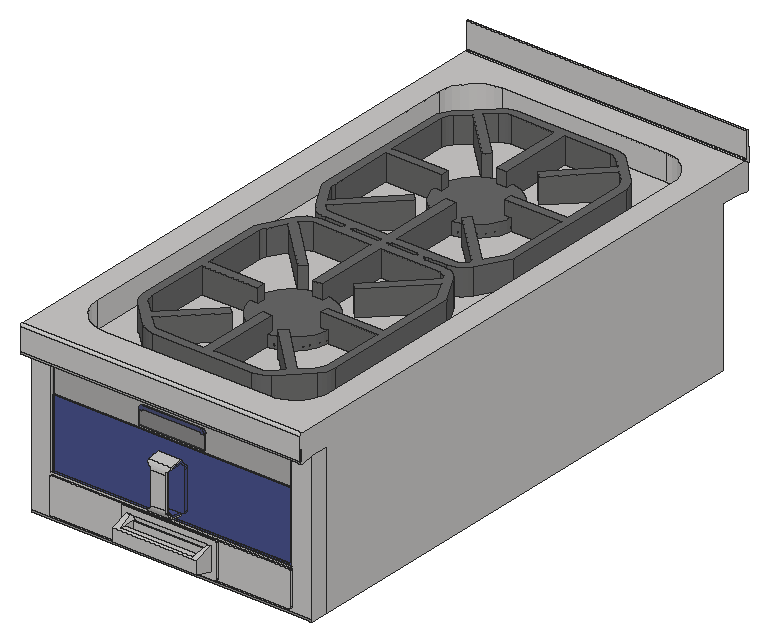
Revit family "QF_ELECTROLUXPROFESSIONAL_588048_MAGCABDOPI", category Specialty Equipment, Revit 2018
Family settings
  Round Connector Dimension = Use Diameter
  Part Type = Normal
  Work Plane-Based = No
  Always vertical = Yes
  Cut with Voids When Loaded = No
  Shared = No
  Room Calculation Point = No
Parameters
  Weight in Pounds = 81.571
  Watts = 0 W
  URL Cutsheet = ""
  Type Mark [instance] = ""
  Status [instance] = ""
  Specification by User [instance] = ""
  Specification by Manufacturer = ""
  Show Clearance [instance] = yes
  Serial Number = ""
  Seismic Rating = ""
  SMACNA No = ""
  Revision Code [instance] = ""
  Omniclass Number and Title = ""
  NAFEM Spec ID Number = ""
  Model = "588048"
  Mechanical Remarks [instance] = ""
  Mechanical Connection Type [instance] = ""
  Masterspec = ""
  Manufacturer = "ELECTROLUX"
  Item Number [instance] = ""
  Installed By [instance] = ""
  Identify Quantity as Lot [instance] = yes
  HP = "0 HP"
  Gas Size = 1/2"
  Gas RI Height [instance] = 0 mm
  Gas KW = 14
  Gas Input = 47726.0 Btu/h
  Gas Connection Height [instance] = 0 mm
  Furnished By [instance] = ""
  Foodservice Equipment Identifier [instance] = yes
  Direct Waste Size = 0"
  Description = "GAS TOP,2 BURNERS,ECO,1-S,BSPL,400X800X250H"
  CSI MasterFormat = ""
  CSI Master Format = ""
  Back Panel [instance] = yes
Reference planes
  plane 1 "BACK": y = 0
  plane 2: z = 0
  plane 3 "LEFT": x = 0
  plane 4 "RIGHT": x = 400
  plane 5 "FRONT": y = -800
  plane 6 "TOP": z = 250
  plane 7: x = 200
  plane 8: y = -400
  plane 9: z = 288.006
  plane 10: x = 365
  plane 11: y = -60.425
  plane 12: y = -1230
Forms (mm)
  Extrusion 1, solid, material "QF_Finishes_Stainless Steel"
    sketch origin (0, -487.128, 0) x (0, 1, 0) y (0, 0, 1)
      loop
        line (483.128, 250) -> (-308.872, 250)
        arc (-308.872, 250) -> (-311.7, 248.828) -> (-312.872, 246) r 4
        line (-312.872, 246) -> (-312.872, 214)
        arc (-312.872, 214) -> (-311.437, 210.931) -> (-308.161, 210.064) r 4
        line (-308.161, 210.064) -> (-292.872, 213) -> (-267.872, 213) -> (-267.872, 0) -> (441.714, 0) -> (441.714, 213) -> (465.765, 213) -> (482.433, 210.061)
        arc (482.433, 210.061) -> (485.699, 210.936) -> (487.128, 214) r 4
        line (487.128, 214) -> (487.128, 246)
        arc (487.128, 246) -> (485.956, 248.828) -> (483.128, 250) r 4
    from 0 to 400
  Extrusion 2, void
    sketch origin (653.786, 44.048, 250) x (1, 0, 0) y (0, -1, 0)
      loop
        line (-570.234, 89.462) -> (-335.321, 89.462)
        arc (-335.321, 89.462) -> (-300.694, 103.805) -> (-286.351, 138.432) r 48.97
        line (-286.351, 138.432) -> (-286.351, 750.078)
        arc (-286.351, 750.078) -> (-300.694, 784.705) -> (-335.321, 799.048) r 48.97
        line (-335.321, 799.048) -> (-570.234, 799.048)
        arc (-570.234, 799.048) -> (-605.59, 784.403) -> (-620.234, 749.048) r 50
        line (-620.234, 749.048) -> (-620.234, 139.462)
        arc (-620.234, 139.462) -> (-605.59, 104.107) -> (-570.234, 89.462) r 50
    from 0 to 37
  Extrusion 3, solid, material "QF_Finishes_Stainless Steel"
    sketch origin (10, -560, 0) x (1, 0, 0) y (0, -1, 0)
      loop
        circle (355, -70) r 6.35
    from 0 to 3.2
  Extrusion 4, solid, material "QF_Finishes_Stainless Steel"
    sketch origin (0, -950.048, 0) x (0, -1, 0) y (0, 0, -1)
      loop
        arc (-948.097, -252.006) -> (-947.511, -250.592) -> (-946.097, -250.006) r 2
        arc (-946.097, -250.006) -> (-948.877, -248.828) -> (-950.048, -246) r 4
        line (-950.048, -246) -> (-950.048, -288.006) -> (-948.097, -288.006) -> (-948.097, -252.006)
    from 0 to 400
  Extrusion 5, solid, material "QF_Door-Drawer Clearances", visible <- "Show Clearance", detail levels coarse
    sketch origin (-178.969, -4572, 0) x (-1, 0, 0) y (0, -1, 0)
      loop
        line (-207.364, -3789.407) -> (-207.364, -3342) -> (-551.364, -3342) -> (-551.364, -3789.407) -> (-207.364, -3789.407)
    from 8.012 to 59.392
Cuts and joins
  Extrusion 2 cuts Extrusion 1
Lines and regions (mm)
  symbolic lines
    curve 1: line (0, 0, 0) -> (400, 0, 0)
    curve 2: line (0, -800, 0) -> (0, 0, 0)
    curve 3: line (400, -800, 0) -> (0, -800, 0)
    curve 4: line (400, 0, 0) -> (400, -800, 0)
    curve 5: arc (83.552, -755, 0) -> (48.197, -740.355, 0) -> (33.552, -705, 0) r 50
    curve 6: line (33.552, -705, 0) -> (33.552, -95.414, 0)
    curve 7: arc (33.552, -95.414, 0) -> (48.197, -60.059, 0) -> (83.552, -45.414, 0) r 50
    curve 8: line (83.552, -45.414, 0) -> (318.465, -45.414, 0)
    curve 9: arc (318.465, -45.414, 0) -> (353.092, -59.757, 0) -> (367.435, -94.384, 0) r 48.97
    curve 10: line (367.435, -94.384, 0) -> (367.435, -706.03, 0)
    curve 11: arc (367.435, -706.03, 0) -> (353.092, -740.657, 0) -> (318.465, -755, 0) r 48.97
    curve 12: line (318.465, -755, 0) -> (83.552, -755, 0)
    curve 13: line (0, -1.951, 0) -> (400, -1.951, 0)
  symbolic lines, style "QF_Door-Drawer Clearances"
    curve 14: line (28.395, -800, 0) -> (28.395, -1230, 0)
    curve 15: line (28.395, -1230, 0) -> (372.395, -1230, 0)
    curve 16: line (372.395, -1230, 0) -> (372.395, -800, 0)
Dimensions and locks
  plane 3 "LEFT" to plane 4 "RIGHT" = 400 mm
  plane 5 "FRONT" to plane 1 "BACK" = 800 mm
  equal spacing: plane 3 "LEFT", plane 7, plane 4 "RIGHT"
  equal spacing: plane 5 "FRONT", plane 8, plane 1 "BACK"
  plane 6 "TOP" to level = 250 mm  (x2)
  plane 1 "BACK" to plane 5 "FRONT" = 800 mm
  Extrusion 3 sketch curve to plane 1 "BACK" = 490 mm
  Extrusion 3 sketch curve to plane 4 "RIGHT" = 35 mm
  plane 1 "BACK" to Extrusion 3 = 490 mm
  locked: plane 10 to plane 4 "RIGHT" at 35
  plane 9 to plane 6 "TOP" = 38.006 mm
  plane 9 to level = 288.006 mm
  plane 12 to plane 5 "FRONT" = 430 mm
  aligned and locked: level to plane 2
  aligned and locked: Extrusion 1 to plane 4 "RIGHT"
  aligned and locked: Extrusion 4 to plane 4 "RIGHT"
Automatic sketch dimensions
  Extrusion 1 sketch curve to plane 5 "FRONT" = 0 mm
  Extrusion 1 sketch curve to plane 6 "TOP" = 0 mm
  Extrusion 1 sketch curve to level = 0 mm
  Extrusion 1 sketch curve to plane 1 "BACK" = 0 mm
  Extrusion 1 sketch curve to plane 6 "TOP" = 37 mm  (x2)
  Extrusion 1 sketch curve to plane 5 "FRONT" = 4 mm
  Extrusion 1 sketch curve to plane 5 "FRONT" = 20 mm
  Extrusion 1 sketch curve to plane 5 "FRONT" = 45 mm
  plane 1 "BACK" to Extrusion 1 sketch curve = 21.363 mm
  plane 1 "BACK" to Extrusion 1 sketch curve = 4 mm  (x2)
  Extrusion 1 sketch curve to Extrusion 1 sketch curve = 4 mm
  Extrusion 1 sketch curve to Extrusion 1 sketch curve = 0.711 mm
  plane 1 "BACK" to Extrusion 1 sketch curve = 4.695 mm
  Extrusion 1 sketch curve to Extrusion 1 sketch curve = 0 mm  (x2)
  Extrusion 1 sketch curve to Extrusion 1 sketch curve = 1 mm  (x2)
  plane 1 "BACK" to Extrusion 1 sketch curve = 45.414 mm
  Extrusion 4 sketch curve to plane 1 "BACK" = 0 mm  (x2)
  Extrusion 4 sketch curve to plane 6 "TOP" = 2.006 mm
  Extrusion 4 sketch curve to plane 6 "TOP" = 0 mm
  Extrusion 4 sketch curve to Extrusion 4 sketch curve = 1.951 mm
  Extrusion 4 sketch curve to Extrusion 4 sketch curve = 2 mm
  Extrusion 4 sketch curve to Extrusion 4 sketch curve = 0.049 mm
  Extrusion 4 sketch curve to Extrusion 4 sketch curve = 36 mm
  Extrusion 4 sketch curve to Extrusion 4 sketch curve = 0 mm
  plane 1 "BACK" to curve 1 = 0 mm
  curve 1 to plane 4 "RIGHT" = 0 mm
  curve 2 to plane 3 "LEFT" = 0 mm
  plane 5 "FRONT" to curve 3 = 0 mm
  curve 13 to plane 3 "LEFT" = 0 mm
  curve 10 to plane 10 = 2.435 mm
  plane 10 to curve 12 = 46.535 mm
  plane 11 to curve 8 = 15.012 mm
  plane 10 to curve 8 = 46.535 mm
  plane 3 "LEFT" to curve 12 = 83.552 mm
  plane 3 "LEFT" to curve 8 = 83.552 mm
  plane 3 "LEFT" to curve 6 = 33.552 mm
  curve 6 to plane 5 "FRONT" = 95 mm
  plane 1 "BACK" to curve 13 = 1.951 mm
  Extrusion 1 to Extrusion 2 sketch curve = 33.552 mm
  Extrusion 1 to Extrusion 2 sketch curve = 41 mm
  Extrusion 1 to Extrusion 2 sketch curve = 41.414 mm
  Extrusion 2 sketch curve to Extrusion 2 sketch curve = 50 mm  (x2)
  Extrusion 1 to Extrusion 2 sketch curve = 81.535 mm  (x2)
  Extrusion 1 to Extrusion 2 sketch curve = 32.565 mm
  plane 5 "FRONT" to curve 14 = 0 mm
  plane 5 "FRONT" to curve 16 = 0 mm
  plane 3 "LEFT" to curve 14 = 28.395 mm
  curve 16 to plane 10 = 7.395 mm
  plane 5 "FRONT" to curve 16 = 430 mm
  Extrusion 5 sketch curve to plane 10 = 7.395 mm
  Extrusion 5 sketch curve to plane 5 "FRONT" = 17.407 mm
  plane 3 "LEFT" to Extrusion 5 sketch curve = 28.395 mm
  plane 5 "FRONT" to Extrusion 5 sketch curve = 430 mm
  radius of Extrusion 3 sketch curve = 6.35 mm
Nested families
  nested 1: "OBT_800_Open Burner" at (200, -400.207, -649.319), type "OBT_800_Open Burner"
  nested 2: "EG_800_500_Single Range Control Handle Front Panel" at (202.376, -755, -650), type "EG_800_500_Single Range Control Handle Front Panel"
Connectors
  piping at (365, -490, -3.2), diameter 12.8
    settings: on Extrusion 3, index 1, connector inside diameter 0.50394", connector length 0 mm, flow factor 0, pipe flow 0 GPM, pressure drop 0.00 psi, fitting loss kfactor 0, connector angle 0.00°, fixture units 0, engagement length 0 mm, angle of deflection 0.00°, flow configuration 1, flow direction 1, fitting loss method 0, system type 7, joint type 0, gender type 0, connector reference index -1, connector utility 0, adjustable connector no, is connector primary yes, connector description "GAS CONNECTION"
Definition of nested family "OBT_800_Open Burner"
  Reference planes
    plane 1 "Center (Front/Back)": y = 0
    plane 2: z = 0
    plane 3 "Center (Left/Right)": x = 0
    plane 4: x = -136.448
    plane 5: x = 137.435
    plane 6: y = 324.793
    plane 7: y = -324.793
  Forms (mm)
    Extrusion 1, solid
      sketch origin (2130.573, 56.896, -679.622) x (1, 0, 0) y (0, 1, 0)
        loop
          line (-2137.44, 256.49) -> (-2200.793, 256.49)
          arc (-2200.793, 256.49) -> (-2207.908, 255.075) -> (-2213.94, 251.044) r 18.593
          line (-2213.94, 251.044) -> (-2226.233, 238.751) -> (-2163.48, 175.998) -> (-2171.6, 167.877) -> (-2234.354, 230.631) -> (-2250.33, 214.654)
          arc (-2250.33, 214.654) -> (-2254.433, 208.337) -> (-2255.614, 200.897) r 18.125
          line (-2255.614, 200.897) -> (-2255.614, 113.422) -> (-2175.79, 113.422) -> (-2175.79, 101.938) -> (-2255.614, 101.938) -> (-2255.614, 10.897)
          arc (-2255.614, 10.897) -> (-2254.981, 6.085) -> (-2253.123, 1.601) r 18.593
          line (-2253.123, 1.601) -> (-2240.078, -20.994) -> (-2171.6, 47.483) -> (-2163.48, 39.363) -> (-2234.012, -31.169)
          arc (-2234.012, -31.169) -> (-2228.546, -38.527) -> (-2220.23, -42.379) r 18.593
          line (-2220.23, -42.379) -> (-2137.44, -42.379) -> (-2137.44, 62.464) -> (-2123.707, 62.464) -> (-2123.707, -42.379) -> (-2039.969, -42.379)
          arc (-2039.969, -42.379) -> (-2031.653, -38.527) -> (-2026.187, -31.169) r 18.593
          line (-2026.187, -31.169) -> (-2097.271, 39.915) -> (-2089.15, 48.035) -> (-2020.118, -20.997) -> (-2004.585, 5.916) -> (-2004.585, 101.938) -> (-2085.357, 101.938) -> (-2085.357, 113.422) -> (-2004.585, 113.422) -> (-2004.585, 197.888)
          arc (-2004.585, 197.888) -> (-2006.695, 208.496) -> (-2012.704, 217.489) r 27.72
          line (-2012.704, 217.489) -> (-2025.845, 230.631) -> (-2089.15, 167.325) -> (-2097.271, 175.446) -> (-2033.966, 238.751) -> (-2046.259, 251.044)
          arc (-2046.259, 251.044) -> (-2052.291, 255.075) -> (-2059.406, 256.49) r 18.593
          line (-2059.406, 256.49) -> (-2123.707, 256.49) -> (-2123.707, 152.897) -> (-2137.44, 152.897) -> (-2137.44, 256.49)
        loop
          arc (-2267.021, 10.897) -> (-2265.999, 3.132) -> (-2263.002, -4.103) r 30
          line (-2263.002, -4.103) -> (-2242.795, -39.103)
          arc (-2242.795, -39.103) -> (-2231.814, -50.084) -> (-2216.814, -54.103) r 30
          line (-2216.814, -54.103) -> (-2189.287, -54.103)
          arc (-2189.287, -54.103) -> (-2188.243, -56) -> (-2186.272, -56.896) r 3.438
          arc (-2186.272, -56.896) -> (-2188.243, -57.792) -> (-2189.287, -59.689) r 3.438
          line (-2189.287, -59.689) -> (-2216.814, -59.689)
          arc (-2216.814, -59.689) -> (-2231.814, -63.708) -> (-2242.795, -74.689) r 30
          line (-2242.795, -74.689) -> (-2263.002, -109.689)
          arc (-2263.002, -109.689) -> (-2265.999, -116.924) -> (-2267.021, -124.689) r 30
          line (-2267.021, -124.689) -> (-2267.021, -315.461)
          arc (-2267.021, -315.461) -> (-2264.738, -326.941) -> (-2258.234, -336.674) r 30
          line (-2258.234, -336.674) -> (-2221.975, -372.933)
          arc (-2221.975, -372.933) -> (-2212.253, -379.414) -> (-2200.793, -381.689) r 30
          line (-2200.793, -381.689) -> (-2059.406, -381.689)
          arc (-2059.406, -381.689) -> (-2047.942, -379.412) -> (-2038.218, -372.928) r 30
          line (-2038.218, -372.928) -> (-2001.964, -336.674)
          arc (-2001.964, -336.674) -> (-1995.461, -326.941) -> (-1993.138, -315.461) r 30
          line (-1993.138, -315.461) -> (-1993.138, -116.719) -> (-2017.404, -74.689)
          arc (-2017.404, -74.689) -> (-2028.385, -63.708) -> (-2043.385, -59.689) r 30
          line (-2043.385, -59.689) -> (-2070.476, -59.689)
          arc (-2070.476, -59.689) -> (-2072.136, -57.759) -> (-2074.531, -56.896) r 5
          arc (-2074.531, -56.896) -> (-2072.136, -56.033) -> (-2070.476, -54.103) r 5
          line (-2070.476, -54.103) -> (-2043.385, -54.103)
          arc (-2043.385, -54.103) -> (-2028.385, -50.084) -> (-2017.404, -39.103) r 30
          line (-2017.404, -39.103) -> (-1993.294, 2.656) -> (-1993.294, 204.314)
          arc (-1993.294, 204.314) -> (-1995.995, 214.361) -> (-2001.964, 222.882) r 30
          line (-2001.964, 222.882) -> (-2038.218, 259.136)
          arc (-2038.218, 259.136) -> (-2047.942, 265.62) -> (-2059.406, 267.897) r 30
          line (-2059.406, 267.897) -> (-2200.793, 267.897)
          arc (-2200.793, 267.897) -> (-2212.253, 265.622) -> (-2221.975, 259.141) r 30
          line (-2221.975, 259.141) -> (-2258.234, 222.882)
          arc (-2258.234, 222.882) -> (-2264.738, 213.149) -> (-2267.021, 201.669) r 30
          line (-2267.021, 201.669) -> (-2267.021, 10.897)
        loop
          arc (-2122.397, -54.103) -> (-2124.057, -56.033) -> (-2126.452, -56.896) r 5
          arc (-2126.452, -56.896) -> (-2124.057, -57.759) -> (-2122.397, -59.689) r 5
          line (-2122.397, -59.689) -> (-2085.985, -59.689)
          arc (-2085.985, -59.689) -> (-2084.941, -57.792) -> (-2082.97, -56.896) r 3.438
          arc (-2082.97, -56.896) -> (-2084.941, -56) -> (-2085.985, -54.103) r 3.438
          line (-2085.985, -54.103) -> (-2122.397, -54.103)
        loop
          arc (-2173.778, -54.103) -> (-2175.438, -56.033) -> (-2177.833, -56.896) r 5
          arc (-2177.833, -56.896) -> (-2175.438, -57.759) -> (-2173.778, -59.689) r 5
          line (-2173.778, -59.689) -> (-2137.906, -59.689)
          arc (-2137.906, -59.689) -> (-2136.862, -57.792) -> (-2134.891, -56.896) r 3.438
          arc (-2134.891, -56.896) -> (-2136.862, -56) -> (-2137.906, -54.103) r 3.438
          line (-2137.906, -54.103) -> (-2173.778, -54.103)
        loop
          line (-2137.44, -370.282) -> (-2137.44, -265.439) -> (-2123.707, -265.439) -> (-2123.707, -370.282) -> (-2059.406, -370.282)
          arc (-2059.406, -370.282) -> (-2052.291, -368.867) -> (-2046.259, -364.836) r 18.593
          line (-2046.259, -364.836) -> (-2033.341, -351.918) -> (-2097.271, -287.988) -> (-2089.15, -279.867) -> (-2025.22, -343.798) -> (-2012.704, -331.281)
          arc (-2012.704, -331.281) -> (-2006.695, -322.288) -> (-2004.585, -311.68) r 27.72
          line (-2004.585, -311.68) -> (-2004.585, -225.964) -> (-2085.357, -225.964) -> (-2085.357, -214.48) -> (-2004.585, -214.48) -> (-2004.585, -119.708) -> (-2020.576, -92.003) -> (-2089.15, -160.577) -> (-2097.271, -152.457) -> (-2026.57, -81.755)
          arc (-2026.57, -81.755) -> (-2032.024, -74.971) -> (-2039.969, -71.413) r 18.593
          line (-2039.969, -71.413) -> (-2123.707, -71.413) -> (-2123.707, -175.006) -> (-2137.44, -175.006) -> (-2137.44, -71.413) -> (-2220.23, -71.413)
          arc (-2220.23, -71.413) -> (-2228.175, -74.971) -> (-2233.629, -81.755) r 18.593
          line (-2233.629, -81.755) -> (-2163.48, -151.905) -> (-2171.6, -160.025) -> (-2239.62, -92.005) -> (-2253.123, -115.393)
          arc (-2253.123, -115.393) -> (-2254.981, -119.877) -> (-2255.614, -124.689) r 18.593
          line (-2255.614, -124.689) -> (-2255.614, -214.48) -> (-2175.79, -214.48) -> (-2175.79, -225.964) -> (-2255.614, -225.964) -> (-2255.614, -314.689)
          arc (-2255.614, -314.689) -> (-2254.433, -322.129) -> (-2250.33, -328.446) r 18.125
          line (-2250.33, -328.446) -> (-2234.979, -343.798) -> (-2171.6, -280.419) -> (-2163.48, -288.54) -> (-2226.858, -351.918) -> (-2213.94, -364.836)
          arc (-2213.94, -364.836) -> (-2207.908, -368.867) -> (-2200.793, -370.282) r 18.593
          line (-2200.793, -370.282) -> (-2137.44, -370.282)
      from 1542.072 to 1578.941
    Extrusion 2, solid
      sketch origin (2130.573, 86.122, 0) x (1, 0, 0) y (0, 1, 0)
        loop
          circle (-2130.573, -249.448) r 55
        loop
          circle (-2130.573, 78.455) r 55
      from 862.45 to 879.837
    Extrusion 3, void
      sketch origin (-124.371, -330.785, -22.784) x (-0.587785, -0.809017, 0) y (0, 0, 1)
        loop
          circle (-213.495, 891.283) r 1
      from -67.69 to -35.114
    Extrusion 4, void
      sketch origin (-89.903, -351.417, -22.784) x (-0.422618, -0.906308, 0) y (0, 0, 1)
        loop
          circle (-213.495, 891.283) r 1
      from -74.826 to -35.114
    Extrusion 5, void
      sketch origin (-52.131, -365.093, -22.784) x (-0.241922, -0.970296, 0) y (0, 0, 1)
        loop
          circle (-213.495, 891.283) r 1
      from -67.69 to -35.114
    Extrusion 6, void
      sketch origin (27.702, -369.842, -22.784) x (0.139173, -0.990268, 0) y (0, 0, 1)
        loop
          circle (-213.495, 891.283) r 1
      from -67.69 to -35.114
    Extrusion 7, void
      sketch origin (66.829, -360.74, -22.784) x (0.325568, -0.945519, 0) y (0, 0, 1)
        loop
          circle (-213.495, 891.283) r 1
      from -67.69 to -35.114
    Extrusion 8, void
      sketch origin (103.5, -344.339, -22.784) x (0.5, -0.866025, 0) y (0, 0, 1)
        loop
          circle (-213.495, 891.283) r 1
      from -67.69 to -35.114
    Extrusion 9, void
      sketch origin (136.368, -321.242, -22.784) x (0.656059, -0.75471, 0) y (0, 0, 1)
        loop
          circle (-213.495, 891.283) r 1
      from -67.69 to -35.114
    Extrusion 10, void
      sketch origin (164.225, -292.298, -22.784) x (0.788011, -0.615661, 0) y (0, 0, 1)
        loop
          circle (-213.495, 891.283) r 1
      from -67.69 to -35.114
    Extrusion 11, void
      sketch origin (186.048, -258.571, -22.784) x (0.891007, -0.45399, 0) y (0, 0, 1)
        loop
          circle (-213.495, 891.283) r 1
      from -67.69 to -35.114
    Extrusion 12, void
      sketch origin (201.034, -221.299, -22.784) x (0.961262, -0.275637, 0) y (0, 0, 1)
        loop
          circle (-213.495, 891.283) r 1
      from -67.69 to -35.114
    Extrusion 13, void
      sketch origin (208.566, -141.681, -22.784) x (0.994522, 0.104528, 0) y (0, 0, 1)
        loop
          circle (-213.495, 891.283) r 1
      from -67.69 to -35.114
    Extrusion 14, void
      sketch origin (200.835, -102.26, -22.784) x (0.956305, 0.292372, 0) y (0, 0, 1)
        loop
          circle (-213.495, 891.283) r 1
      from -67.69 to -35.114
    Extrusion 15, void
      sketch origin (185.724, -65.039, -22.784) x (0.882948, 0.469472, 0) y (0, 0, 1)
        loop
          circle (-213.495, 891.283) r 1
      from -67.69 to -35.114
    Extrusion 16, void
      sketch origin (163.788, -31.385, -22.784) x (0.777146, 0.62932, 0) y (0, 0, 1)
        loop
          circle (-213.495, 891.283) r 1
      from -67.69 to -35.114
    Extrusion 17, void
      sketch origin (135.834, -2.534, -22.784) x (0.642788, 0.766044, 0) y (0, 0, 1)
        loop
          circle (-213.495, 891.283) r 1
      from -67.69 to -35.114
    Extrusion 18, void
      sketch origin (102.889, 20.452, -22.784) x (0.48481, 0.87462, 0) y (0, 0, 1)
        loop
          circle (-213.495, 891.283) r 1
      from -67.69 to -35.114
    Extrusion 19, void
      sketch origin (66.163, 36.73, -22.784) x (0.309017, 0.951057, 0) y (0, 0, 1)
        loop
          circle (-213.495, 891.283) r 1
      from -67.69 to -35.114
    Extrusion 20, void
      sketch origin (-52.811, 40.685, -22.784) x (-0.258819, 0.965926, 0) y (0, 0, 1)
        loop
          circle (-213.495, 891.283) r 1
      from -67.69 to -35.114
    Extrusion 21, void
      sketch origin (-90.537, 26.882, -22.784) x (-0.438371, 0.898794, 0) y (0, 0, 1)
        loop
          circle (-213.495, 891.283) r 1
      from -67.69 to -35.114
    Extrusion 22, void
      sketch origin (-124.936, 6.135, -22.784) x (-0.601815, 0.798636, 0) y (0, 0, 1)
        loop
          circle (-213.495, 891.283) r 1
      from -67.69 to -35.114
    Extrusion 23, void
      sketch origin (-154.744, -20.796, -22.784) x (-0.743145, 0.669131, 0) y (0, 0, 1)
        loop
          circle (-213.495, 891.283) r 1
      from -67.69 to -35.114
    Extrusion 24, void
      sketch origin (-178.866, -52.919, -22.784) x (-0.857167, 0.515038, 0) y (0, 0, 1)
        loop
          circle (-213.495, 891.283) r 1
      from -67.69 to -35.114
    Extrusion 25, void
      sketch origin (-196.416, -89.054, -22.784) x (-0.939693, 0.34202, 0) y (0, 0, 1)
        loop
          circle (-213.495, 891.283) r 1
      from -67.69 to -35.114
    Extrusion 26, void
      sketch origin (-204.521, -207.817, -22.784) x (-0.97437, -0.224951, 0) y (0, 0, 1)
        loop
          circle (-213.495, 891.283) r 1
      from -67.69 to -35.114
    Extrusion 27, void
      sketch origin (-192.043, -246.002, -22.784) x (-0.913545, -0.406737, 0) y (0, 0, 1)
        loop
          circle (-213.495, 891.283) r 1
      from -67.69 to -35.114
    Extrusion 28, void
      sketch origin (-172.509, -281.104, -22.784) x (-0.819152, -0.573576, 0) y (0, 0, 1)
        loop
          circle (-213.495, 891.283) r 1
      from -67.69 to -35.114
    Extrusion 29, void
      sketch origin (-146.635, -311.834, -22.784) x (-0.694658, -0.71934, 0) y (0, 0, 1)
        loop
          circle (-213.495, 891.283) r 1
      from -67.69 to -35.114
    Extrusion 30, void
      sketch origin (-124.371, -2.882, -22.784) x (-0.587785, -0.809017, 0) y (0, 0, 1)
        loop
          circle (-213.495, 891.283) r 1
      from -67.69 to -35.114
    Extrusion 31, void
      sketch origin (-89.903, -23.515, -22.784) x (-0.422618, -0.906308, 0) y (0, 0, 1)
        loop
          circle (-213.495, 891.283) r 1
      from -74.826 to -35.114
    Extrusion 32, void
      sketch origin (-52.131, -37.191, -22.784) x (-0.241922, -0.970296, 0) y (0, 0, 1)
        loop
          circle (-213.495, 891.283) r 1
      from -67.69 to -35.114
    Extrusion 33, void
      sketch origin (27.702, -41.939, -22.784) x (0.139173, -0.990268, 0) y (0, 0, 1)
        loop
          circle (-213.495, 891.283) r 1
      from -67.69 to -35.114
    Extrusion 34, void
      sketch origin (66.829, -32.837, -22.784) x (0.325568, -0.945519, 0) y (0, 0, 1)
        loop
          circle (-213.495, 891.283) r 1
      from -67.69 to -35.114
    Extrusion 35, void
      sketch origin (103.5, -16.436, -22.784) x (0.5, -0.866025, 0) y (0, 0, 1)
        loop
          circle (-213.495, 891.283) r 1
      from -67.69 to -35.114
    Extrusion 36, void
      sketch origin (136.368, 6.66, -22.784) x (0.656059, -0.75471, 0) y (0, 0, 1)
        loop
          circle (-213.495, 891.283) r 1
      from -67.69 to -35.114
    Extrusion 37, void
      sketch origin (164.225, 35.604, -22.784) x (0.788011, -0.615661, 0) y (0, 0, 1)
        loop
          circle (-213.495, 891.283) r 1
      from -67.69 to -35.114
    Extrusion 38, void
      sketch origin (186.048, 69.332, -22.784) x (0.891007, -0.45399, 0) y (0, 0, 1)
        loop
          circle (-213.495, 891.283) r 1
      from -67.69 to -35.114
    Extrusion 39, void
      sketch origin (201.034, 106.603, -22.784) x (0.961262, -0.275637, 0) y (0, 0, 1)
        loop
          circle (-213.495, 891.283) r 1
      from -67.69 to -35.114
    Extrusion 40, void
      sketch origin (208.566, 186.222, -22.784) x (0.994522, 0.104528, 0) y (0, 0, 1)
        loop
          circle (-213.495, 891.283) r 1
      from -67.69 to -35.114
    Extrusion 41, void
      sketch origin (200.835, 225.642, -22.784) x (0.956305, 0.292372, 0) y (0, 0, 1)
        loop
          circle (-213.495, 891.283) r 1
      from -67.69 to -35.114
    Extrusion 42, void
      sketch origin (185.724, 262.864, -22.784) x (0.882948, 0.469472, 0) y (0, 0, 1)
        loop
          circle (-213.495, 891.283) r 1
      from -67.69 to -35.114
    Extrusion 43, void
      sketch origin (163.788, 296.518, -22.784) x (0.777146, 0.62932, 0) y (0, 0, 1)
        loop
          circle (-213.495, 891.283) r 1
      from -67.69 to -35.114
    Extrusion 44, void
      sketch origin (135.834, 325.368, -22.784) x (0.642788, 0.766044, 0) y (0, 0, 1)
        loop
          circle (-213.495, 891.283) r 1
      from -67.69 to -35.114
    Extrusion 45, void
      sketch origin (102.889, 348.355, -22.784) x (0.48481, 0.87462, 0) y (0, 0, 1)
        loop
          circle (-213.495, 891.283) r 1
      from -67.69 to -35.114
    Extrusion 46, void
      sketch origin (66.163, 364.633, -22.784) x (0.309017, 0.951057, 0) y (0, 0, 1)
        loop
          circle (-213.495, 891.283) r 1
      from -67.69 to -35.114
    Extrusion 47, void
      sketch origin (-52.811, 368.588, -22.784) x (-0.258819, 0.965926, 0) y (0, 0, 1)
        loop
          circle (-213.495, 891.283) r 1
      from -67.69 to -35.114
    Extrusion 48, void
      sketch origin (-90.537, 354.785, -22.784) x (-0.438371, 0.898794, 0) y (0, 0, 1)
        loop
          circle (-213.495, 891.283) r 1
      from -67.69 to -35.114
    Extrusion 49, void
      sketch origin (-124.936, 334.037, -22.784) x (-0.601815, 0.798636, 0) y (0, 0, 1)
        loop
          circle (-213.495, 891.283) r 1
      from -67.69 to -35.114
    Extrusion 50, void
      sketch origin (-154.744, 307.107, -22.784) x (-0.743145, 0.669131, 0) y (0, 0, 1)
        loop
          circle (-213.495, 891.283) r 1
      from -67.69 to -35.114
    Extrusion 51, void
      sketch origin (-178.866, 274.984, -22.784) x (-0.857167, 0.515038, 0) y (0, 0, 1)
        loop
          circle (-213.495, 891.283) r 1
      from -67.69 to -35.114
    Extrusion 52, void
      sketch origin (-196.416, 238.848, -22.784) x (-0.939693, 0.34202, 0) y (0, 0, 1)
        loop
          circle (-213.495, 891.283) r 1
      from -67.69 to -35.114
    Extrusion 53, void
      sketch origin (-204.521, 120.086, -22.784) x (-0.97437, -0.224951, 0) y (0, 0, 1)
        loop
          circle (-213.495, 891.283) r 1
      from -67.69 to -35.114
    Extrusion 54, void
      sketch origin (-192.043, 81.901, -22.784) x (-0.913545, -0.406737, 0) y (0, 0, 1)
        loop
          circle (-213.495, 891.283) r 1
      from -67.69 to -35.114
    Extrusion 55, void
      sketch origin (-172.509, 46.798, -22.784) x (-0.819152, -0.573576, 0) y (0, 0, 1)
        loop
          circle (-213.495, 891.283) r 1
      from -67.69 to -35.114
    Extrusion 56, void
      sketch origin (-146.635, 16.068, -22.784) x (-0.694658, -0.71934, 0) y (0, 0, 1)
        loop
          circle (-213.495, 891.283) r 1
      from -67.69 to -35.114
  Cuts and joins
    Extrusion 3, Extrusion 4, Extrusion 5, Extrusion 6, Extrusion 7, Extrusion 8, Extrusion 9, Extrusion 10, Extrusion 11, Extrusion 12, Extrusion 13, Extrusion 14, Extrusion 15, Extrusion 16, Extrusion 17, Extrusion 18, Extrusion 19, Extrusion 20, Extrusion 21, Extrusion 22, Extrusion 23, Extrusion 24, Extrusion 25, Extrusion 26, Extrusion 27, Extrusion 28, Extrusion 29, Extrusion 30, Extrusion 31, Extrusion 32, Extrusion 33, Extrusion 34, Extrusion 35, Extrusion 36, Extrusion 37, Extrusion 38, Extrusion 39, Extrusion 40, Extrusion 41, Extrusion 42, Extrusion 43, Extrusion 44, Extrusion 45, Extrusion 46, Extrusion 47, Extrusion 48, Extrusion 49, Extrusion 50, Extrusion 51, Extrusion 52, Extrusion 53, Extrusion 54, Extrusion 55, Extrusion 56 cuts Extrusion 2
    Extrusion 32 cuts Extrusion 1
  Lines and regions (mm)
    symbolic lines
      curve 1: line (-103.78, 287.527, 0) -> (-41.027, 224.773, 0)
      curve 2: line (-41.027, 224.773, 0) -> (-32.906, 232.894, 0)
      curve 3: line (-32.906, 232.894, 0) -> (-95.66, 295.647, 0)
      curve 4: line (-95.66, 295.647, 0) -> (-83.367, 307.94, 0)
      curve 5: arc (-83.367, 307.94, 0) -> (-77.335, 311.971, 0) -> (-70.219, 313.386, 0) r 18.593
      curve 6: line (-70.219, 313.386, 0) -> (-6.867, 313.386, 0)
      curve 7: line (-6.867, 313.386, 0) -> (-6.867, 209.793, 0)
      curve 8: line (-6.867, 209.793, 0) -> (6.867, 209.793, 0)
      curve 9: line (6.867, 209.793, 0) -> (6.867, 313.386, 0)
      curve 10: line (6.867, 313.386, 0) -> (71.168, 313.386, 0)
      curve 11: arc (71.168, 313.386, 0) -> (78.283, 311.971, 0) -> (84.315, 307.94, 0) r 18.593
      curve 12: line (84.315, 307.94, 0) -> (96.608, 295.647, 0)
      curve 13: line (96.608, 295.647, 0) -> (33.302, 232.342, 0)
      curve 14: line (33.302, 232.342, 0) -> (41.423, 224.221, 0)
      curve 15: line (41.423, 224.221, 0) -> (104.728, 287.527, 0)
      curve 16: line (104.728, 287.527, 0) -> (117.87, 274.385, 0)
      curve 17: arc (117.87, 274.385, 0) -> (123.879, 265.392, 0) -> (125.989, 254.784, 0) r 27.72
      curve 18: line (125.989, 254.784, 0) -> (125.989, 170.318, 0)
      curve 19: line (125.989, 170.318, 0) -> (45.217, 170.318, 0)
      curve 20: line (45.217, 170.318, 0) -> (45.217, 158.834, 0)
      curve 21: line (45.217, 158.834, 0) -> (125.989, 158.834, 0)
      curve 22: line (125.989, 158.834, 0) -> (125.989, 62.812, 0)
      curve 23: line (125.989, 62.812, 0) -> (110.455, 35.899, 0)
      curve 24: line (110.455, 35.899, 0) -> (41.423, 104.931, 0)
      curve 25: line (41.423, 104.931, 0) -> (33.302, 96.811, 0)
      curve 26: line (33.302, 96.811, 0) -> (104.386, 25.727, 0)
      curve 27: arc (104.386, 25.727, 0) -> (98.921, 18.369, 0) -> (90.604, 14.517, 0) r 18.593
      curve 28: line (90.604, 14.517, 0) -> (6.867, 14.517, 0)
      curve 29: line (6.867, 14.517, 0) -> (6.867, 119.36, 0)
      curve 30: line (6.867, 119.36, 0) -> (-6.867, 119.36, 0)
      curve 31: line (-6.867, 119.36, 0) -> (-6.867, 14.517, 0)
      curve 32: line (-6.867, 14.517, 0) -> (-89.656, 14.517, 0)
      curve 33: arc (-89.656, 14.517, 0) -> (-97.973, 18.369, 0) -> (-103.438, 25.727, 0) r 18.593
      curve 34: line (-103.438, 25.727, 0) -> (-32.906, 96.259, 0)
      curve 35: line (-32.906, 96.259, 0) -> (-41.027, 104.379, 0)
      curve 36: line (-41.027, 104.379, 0) -> (-109.504, 35.902, 0)
      curve 37: line (-109.504, 35.902, 0) -> (-122.55, 58.497, 0)
      curve 38: arc (-122.55, 58.497, 0) -> (-124.407, 62.981, 0) -> (-125.041, 67.793, 0) r 18.593
      curve 39: line (-125.041, 67.793, 0) -> (-125.041, 158.834, 0)
      curve 40: line (-125.041, 158.834, 0) -> (-45.217, 158.834, 0)
      curve 41: line (-45.217, 158.834, 0) -> (-45.217, 170.318, 0)
      curve 42: line (-45.217, 170.318, 0) -> (-125.041, 170.318, 0)
      curve 43: line (-125.041, 170.318, 0) -> (-125.041, 257.793, 0)
      curve 44: arc (-125.041, 257.793, 0) -> (-123.86, 265.233, 0) -> (-119.757, 271.55, 0) r 18.125
      curve 45: line (-119.757, 271.55, 0) -> (-103.78, 287.527, 0)
      curve 46: line (-32.906, -95.009, 0) -> (-103.056, -24.859, 0)
      curve 47: arc (-103.056, -24.859, 0) -> (-97.601, -18.075, 0) -> (-89.656, -14.517, 0) r 18.593
      curve 48: line (-89.656, -14.517, 0) -> (-6.867, -14.517, 0)
      curve 49: line (-6.867, -14.517, 0) -> (-6.867, -118.11, 0)
      curve 50: line (-6.867, -118.11, 0) -> (6.867, -118.11, 0)
      curve 51: line (6.867, -118.11, 0) -> (6.867, -14.517, 0)
      curve 52: line (6.867, -14.517, 0) -> (90.604, -14.517, 0)
      curve 53: arc (90.604, -14.517, 0) -> (98.549, -18.075, 0) -> (104.004, -24.859, 0) r 18.593
      curve 54: line (104.004, -24.859, 0) -> (33.302, -95.561, 0)
      curve 55: line (33.302, -95.561, 0) -> (41.423, -103.681, 0)
      curve 56: line (41.423, -103.681, 0) -> (109.998, -35.107, 0)
      curve 57: line (109.998, -35.107, 0) -> (125.989, -62.812, 0)
      curve 58: line (125.989, -62.812, 0) -> (125.989, -157.584, 0)
      curve 59: line (125.989, -157.584, 0) -> (45.217, -157.584, 0)
      curve 60: line (45.217, -157.584, 0) -> (45.217, -169.068, 0)
      curve 61: line (45.217, -169.068, 0) -> (125.989, -169.068, 0)
      curve 62: line (125.989, -169.068, 0) -> (125.989, -254.784, 0)
      curve 63: arc (125.989, -254.784, 0) -> (123.879, -265.392, 0) -> (117.87, -274.385, 0) r 27.72
      curve 64: line (117.87, -274.385, 0) -> (105.353, -286.902, 0)
      curve 65: line (105.353, -286.902, 0) -> (41.423, -222.971, 0)
      curve 66: line (41.423, -222.971, 0) -> (33.302, -231.092, 0)
      curve 67: line (33.302, -231.092, 0) -> (97.233, -295.022, 0)
      curve 68: line (97.233, -295.022, 0) -> (84.315, -307.94, 0)
      curve 69: arc (84.315, -307.94, 0) -> (78.283, -311.971, 0) -> (71.168, -313.386, 0) r 18.593
      curve 70: line (71.168, -313.386, 0) -> (6.867, -313.386, 0)
      curve 71: line (6.867, -313.386, 0) -> (6.867, -208.543, 0)
      curve 72: line (6.867, -208.543, 0) -> (-6.867, -208.543, 0)
      curve 73: line (-6.867, -208.543, 0) -> (-6.867, -313.386, 0)
      curve 74: line (-6.867, -313.386, 0) -> (-70.219, -313.386, 0)
      curve 75: arc (-70.219, -313.386, 0) -> (-77.335, -311.971, 0) -> (-83.367, -307.94, 0) r 18.593
      curve 76: line (-83.367, -307.94, 0) -> (-96.285, -295.022, 0)
      curve 77: line (-96.285, -295.022, 0) -> (-32.906, -231.644, 0)
      curve 78: line (-32.906, -231.644, 0) -> (-41.027, -223.523, 0)
      curve 79: line (-41.027, -223.523, 0) -> (-104.405, -286.902, 0)
      curve 80: line (-104.405, -286.902, 0) -> (-119.757, -271.55, 0)
      curve 81: arc (-119.757, -271.55, 0) -> (-123.86, -265.233, 0) -> (-125.041, -257.793, 0) r 18.125
      curve 82: line (-125.041, -257.793, 0) -> (-125.041, -169.068, 0)
      curve 83: line (-125.041, -169.068, 0) -> (-45.217, -169.068, 0)
      curve 84: line (-45.217, -169.068, 0) -> (-45.217, -157.584, 0)
      curve 85: line (-45.217, -157.584, 0) -> (-125.041, -157.584, 0)
      curve 86: line (-125.041, -157.584, 0) -> (-125.041, -67.793, 0)
      curve 87: arc (-125.041, -67.793, 0) -> (-124.407, -62.981, 0) -> (-122.55, -58.497, 0) r 18.593
      curve 88: line (-122.55, -58.497, 0) -> (-109.047, -35.109, 0)
      curve 89: line (-109.047, -35.109, 0) -> (-41.027, -103.129, 0)
      curve 90: line (-41.027, -103.129, 0) -> (-32.906, -95.009, 0)
      curve 91: line (-132.429, 52.793, 0) -> (-112.221, 17.793, 0)
      curve 92: arc (-112.221, 17.793, 0) -> (-101.241, 6.812, 0) -> (-86.241, 2.793, 0) r 30
      curve 93: line (-86.241, 2.793, 0) -> (-58.714, 2.793, 0)
      curve 94: arc (-58.714, 2.793, 0) -> (-57.669, 0.896, 0) -> (-55.698, 0, 0) r 3.438
      curve 95: arc (-55.698, 0, 0) -> (-57.669, -0.896, 0) -> (-58.714, -2.793, 0) r 3.438
      curve 96: line (-58.714, -2.793, 0) -> (-86.241, -2.793, 0)
      curve 97: arc (-86.241, -2.793, 0) -> (-101.241, -6.812, 0) -> (-112.221, -17.793, 0) r 30
      curve 98: line (-112.221, -17.793, 0) -> (-132.429, -52.793, 0)
      curve 99: arc (-132.429, -52.793, 0) -> (-135.426, -60.028, 0) -> (-136.448, -67.793, 0) r 30
      curve 100: line (-136.448, -67.793, 0) -> (-136.448, -258.565, 0)
      curve 101: arc (-136.448, -258.565, 0) -> (-134.164, -270.045, 0) -> (-127.661, -279.778, 0) r 30
      curve 102: line (-127.661, -279.778, 0) -> (-91.401, -316.037, 0)
      curve 103: arc (-91.401, -316.037, 0) -> (-81.68, -322.518, 0) -> (-70.219, -324.793, 0) r 30
      curve 104: line (-70.219, -324.793, 0) -> (71.168, -324.793, 0)
      curve 105: arc (71.168, -324.793, 0) -> (82.631, -322.516, 0) -> (92.355, -316.032, 0) r 30
      curve 106: line (92.355, -316.032, 0) -> (128.609, -279.778, 0)
      curve 107: arc (128.609, -279.778, 0) -> (135.112, -270.045, 0) -> (137.396, -258.565, 0) r 30
      curve 108: line (137.435, -258.565, 0) -> (137.435, -59.823, 0)
      curve 109: line (137.435, -59.823, 0) -> (113.169, -17.793, 0)
      curve 110: arc (113.169, -17.793, 0) -> (102.189, -6.812, 0) -> (87.189, -2.793, 0) r 30
      curve 111: line (87.189, -2.793, 0) -> (60.098, -2.793, 0)
      curve 112: arc (60.098, -2.793, 0) -> (58.438, -0.863, 0) -> (56.042, 0, 0) r 5
      curve 113: arc (56.042, 0, 0) -> (58.438, 0.863, 0) -> (60.098, 2.793, 0) r 5
      curve 114: line (60.098, 2.793, 0) -> (87.189, 2.793, 0)
      curve 115: arc (87.189, 2.793, 0) -> (102.189, 6.812, 0) -> (113.169, 17.793, 0) r 30
      curve 116: line (113.169, 17.793, 0) -> (137.279, 59.552, 0)
      curve 117: line (137.279, 59.552, 0) -> (137.279, 261.21, 0)
      curve 118: arc (137.279, 261.21, 0) -> (134.579, 271.257, 0) -> (128.609, 279.778, 0) r 30
      curve 119: line (128.609, 279.778, 0) -> (92.355, 316.032, 0)
      curve 120: arc (92.355, 316.032, 0) -> (82.631, 322.516, 0) -> (71.168, 324.793, 0) r 30
      curve 121: line (71.168, 324.793, 0) -> (-70.219, 324.793, 0)
      curve 122: arc (-70.219, 324.793, 0) -> (-81.68, 322.518, 0) -> (-91.401, 316.037, 0) r 30
      curve 123: line (-91.401, 316.037, 0) -> (-127.661, 279.778, 0)
      curve 124: arc (-127.661, 279.778, 0) -> (-134.164, 270.045, 0) -> (-136.448, 258.565, 0) r 30
      curve 125: line (-136.448, 258.565, 0) -> (-136.448, 67.793, 0)
      curve 126: arc (-136.448, 67.793, 0) -> (-135.426, 60.028, 0) -> (-132.429, 52.793, 0) r 30
      curve 127: line (-43.204, 2.793, 0) -> (-7.333, 2.793, 0)
      curve 128: arc (-7.333, 2.793, 0) -> (-6.288, 0.896, 0) -> (-4.317, 0, 0) r 3.438
      curve 129: arc (-4.317, 0, 0) -> (-6.288, -0.896, 0) -> (-7.333, -2.793, 0) r 3.438
      curve 130: line (-7.333, -2.793, 0) -> (-43.204, -2.793, 0)
      curve 131: arc (-43.204, -2.793, 0) -> (-44.864, -0.863, 0) -> (-47.26, 0, 0) r 5
      curve 132: arc (-47.26, 0, 0) -> (-44.864, 0.863, 0) -> (-43.204, 2.793, 0) r 5
      curve 133: line (8.177, 2.793, 0) -> (44.588, 2.793, 0)
      curve 134: arc (44.588, 2.793, 0) -> (45.633, 0.896, 0) -> (47.604, 0, 0) r 3.438
      curve 135: arc (47.604, 0, 0) -> (45.633, -0.896, 0) -> (44.588, -2.793, 0) r 3.438
      curve 136: line (44.588, -2.793, 0) -> (8.177, -2.793, 0)
      curve 137: arc (8.177, -2.793, 0) -> (6.517, -0.863, 0) -> (4.121, 0, 0) r 5
      curve 138: arc (4.121, 0, 0) -> (6.517, 0.863, 0) -> (8.177, 2.793, 0) r 5
      curve 139: arc (-6.867, 219.146, 0) -> (-39.289, 203.065, 0) -> (-54.699, 170.318, 0) r 55
      curve 140: arc (54.699, 170.318, 0) -> (39.289, 203.065, 0) -> (6.867, 219.146, 0) r 55
      curve 141: arc (6.867, 110.007, 0) -> (39.289, 126.088, 0) -> (54.699, 158.834, 0) r 55
      curve 142: arc (-54.699, 158.834, 0) -> (-39.289, 126.088, 0) -> (-6.867, 110.007, 0) r 55
      curve 143: arc (-6.867, -108.757, 0) -> (-39.289, -124.838, 0) -> (-54.699, -157.584, 0) r 55
      curve 144: arc (-54.699, -169.068, 0) -> (-39.289, -201.815, 0) -> (-6.867, -217.896, 0) r 55
      curve 145: arc (54.699, -157.584, 0) -> (39.289, -124.838, 0) -> (6.867, -108.757, 0) r 55
      curve 146: arc (6.867, -217.896, 0) -> (39.289, -201.815, 0) -> (54.699, -169.068, 0) r 55
  Dimensions and locks
    plane 5 to plane 4 = 273.883 mm
    equal spacing: Extrusion 1 sketch curve, plane 3 "Center (Left/Right)", Extrusion 1 sketch curve
Definition of nested family "EG_800_500_Single Range Control Handle Front Panel"
  Reference planes
    plane 1 "Center (Front/Back)": y = 0
    plane 2: z = 0
    plane 3 "Center (Left/Right)": x = -2.376
    plane 4: x = -202.376
    plane 5: x = 197.624
    plane 6: y = -45
  Forms (mm)
    Extrusion 1, solid
      sketch origin (833.217, 829.203, -1.25) x (0, 1, 0) y (0, 0, 1)
        loop
          arc (-854.203, 654.25) -> (-853.324, 652.129) -> (-851.203, 651.25) r 3
          line (-851.203, 651.25) -> (-829.203, 651.25) -> (-829.203, 864.25) -> (-854.203, 864.25) -> (-854.203, 654.25)
      from -1035.593 to -635.593
    Extrusion 2, void
      sketch origin (33.217, 829.203, -1.25) x (1, 0, 0) y (0, 0, 1)
        loop
          line (-207.593, 855.116) -> (-207.593, 713.116) -> (136.407, 713.116) -> (136.407, 855.116) -> (-207.593, 855.116)
      from 848.59 to 854.203
  Cuts and joins
    Extrusion 2 cuts Extrusion 1
  Dimensions and locks
    equal spacing: plane 5, plane 3 "Center (Left/Right)", plane 4
    plane 5 to plane 4 = 400 mm
    aligned and locked: cut or joined group of Extrusion 1, Extrusion 2 to plane 4
    aligned and locked: plane 5 to cut or joined group of Extrusion 1, Extrusion 2
    aligned and locked: plane 3 "Center (Left/Right)" to nested 1
    aligned and locked: cut or joined group of Extrusion 1, Extrusion 2 to nested 1
  Automatic sketch dimensions
    Extrusion 1 sketch curve to plane 1 "Center (Front/Back)" = 0 mm
    plane 1 "Center (Front/Back)" to Extrusion 1 sketch curve = 22 mm
    Extrusion 1 sketch curve to Extrusion 1 sketch curve = 3 mm
    level to Extrusion 1 sketch curve = 650 mm
    Extrusion 1 sketch curve to Extrusion 1 sketch curve = 210 mm
    plane 4 to Extrusion 2 sketch curve = 28 mm
    Extrusion 2 sketch curve to plane 5 = 28 mm
    level to Extrusion 2 sketch curve = 711.866 mm
    Extrusion 2 sketch curve to Extrusion 2 sketch curve = 142 mm
  Nested families
    nested 1: "glass conrol panel" at (-2.376, 280.644, 2.752), type "glass conrol panel"
    nested 2: "Range Control Handle" at (-2.602, -28.137, -209.113), type "Range Control Handle"
    nested 3: "grease trap door" at (-69.975, -25, 0), type "grease trap door"
  Definition of nested family "glass conrol panel"
    Reference planes
      plane 1 "Center (Front/Back)": y = 0
      plane 2: z = 0
      plane 3 "Center (Left/Right)": x = 0
    Forms (mm)
      Extrusion 1, solid
        sketch origin (378.286, 0, 0.617) x (1, 0, 0) y (0, 0, 1)
          loop
            line (-550.286, 806.791) -> (-550.286, 708.497) -> (-206.286, 708.497) -> (-206.286, 806.791) -> (-550.286, 806.791)
        from 300.031 to 304.8
      Extrusion 2, solid
        sketch origin (378.286, 0, 0.617) x (1, 0, 0) y (0, 0, 1)
          loop
            line (-550.286, 850.497) -> (-550.286, 806.791) -> (-206.286, 806.791) -> (-206.286, 850.497) -> (-550.286, 850.497)
        from 300.031 to 304.8
      Extrusion 3, void
        sketch origin (378.286, 0, 0.617) x (1, 0, 0) y (0, 0, 1)
          loop
            line (-547.628, 847.565) -> (-547.628, 710.699) -> (-209.196, 710.699) -> (-209.196, 847.565) -> (-547.628, 847.565)
        from 303.697 to 304.8
      Extrusion 4, solid
        sketch origin (308.309, 1.101, -0.633) x (1, 0, 0) y (0, 0, 1)
          loop
            line (-261.431, 812.62) -> (-261.431, 834.177) -> (-266.24, 834.177) -> (-268.039, 835.977) -> (-348.469, 835.977) -> (-350.269, 834.177) -> (-355.186, 834.177) -> (-355.186, 812.62) -> (-261.431, 812.62)
        from 304.798 to 306.745
      Extrusion 5, solid
        sketch origin (308.309, 1.101, -0.633) x (1, 0, 0) y (0, 0, 1)
          loop
            line (-350.269, 834.177) -> (-348.469, 835.977) -> (-268.039, 835.977) -> (-266.24, 834.177) -> (-261.529, 834.177)
            arc (-261.529, 834.177) -> (-262.706, 838.752) -> (-266.98, 840.763) r 5.549
            line (-266.98, 840.763) -> (-349.686, 840.763)
            arc (-349.686, 840.763) -> (-353.942, 838.747) -> (-355.078, 834.177) r 5.5
            line (-355.078, 834.177) -> (-350.269, 834.177)
        from 304.798 to 306.745
    Cuts and joins
      Extrusion 3 cuts Extrusion 1
      Extrusion 3 cuts Extrusion 2
    Dimensions and locks
      aligned and locked: Extrusion 1 to Extrusion 2
      aligned and locked: Extrusion 5 sketch curve to Extrusion 4  (x4)
      aligned and locked: Extrusion 4 to Extrusion 5 sketch curve
      aligned and locked: Extrusion 5 to Extrusion 4
  Definition of nested family "Range Control Handle"
    Reference planes
      plane 1 "Center (Front/Back)": y = 0
      plane 2: z = 0
      plane 3 "Center (Left/Right)": x = 0
      plane 4: z = 971.092
      plane 5: y = -16.9
    Forms (mm)
      Extrusion 1, solid
        sketch origin (-746.28, 380.497, 208.931) x (-1, 0, 0) y (0, 0, 1)
          loop
            line (-770.101, 786.798) -> (-770.101, 731.649)
            arc (-770.101, 731.649) -> (-769.759, 730.563) -> (-768.855, 729.87) r 1.893
            line (-768.855, 729.87) -> (-763.474, 727.911) -> (-729.81, 727.911) -> (-724.428, 729.87)
            arc (-724.428, 729.87) -> (-723.525, 730.563) -> (-723.183, 731.649) r 1.893
            line (-723.183, 731.649) -> (-723.183, 786.798)
            arc (-723.183, 786.798) -> (-723.529, 787.894) -> (-724.44, 788.593) r 1.91
            line (-724.44, 788.593) -> (-729.683, 790.819) -> (-763.601, 790.819) -> (-768.844, 788.593)
            arc (-768.844, 788.593) -> (-769.755, 787.894) -> (-770.101, 786.798) r 1.91
        from -382.35 to -378.852
      Sweep 2, solid
        path origin (-746.788, 380.496, 208.091) x (0, -1, 0) y (0, 0, 1)
          loop
            line (379.775, 793.281) -> (395.661, 791.048)
            arc (395.661, 791.048) -> (397.781, 787.377) -> (398.517, 783.202) r 12.207
            line (398.517, 783.202) -> (398.517, 737.368)
            arc (398.517, 737.368) -> (397.781, 733.193) -> (395.661, 729.522) r 12.207
            line (395.661, 729.522) -> (379.775, 727.289)
        profile origin (-746.788, -7.222, 1000.256) x (0, -0.139173, 0.990268) y (-1, 0, 0)
          loop
            line (0.782, -763.123) -> (0.782, -730.907) -> (-1.322, -730.907) -> (-1.322, -763.123) -> (0.782, -763.123)
      Sweep 3, solid
        path origin (-746.788, 380.715, 207.832) x (0, -1, 0) y (0, 0, 1)
          loop
            line (380.478, 795.442) -> (397.218, 793.09)
            arc (397.218, 793.09) -> (399.929, 788.473) -> (400.871, 783.202) r 15.207
            line (400.871, 783.202) -> (400.871, 737.584)
            arc (400.871, 737.584) -> (399.914, 732.274) -> (397.164, 727.633) r 15.207
            line (397.164, 727.633) -> (380.601, 725.305)
        profile origin (-746.788, -8.132, 1002.099) x (0, -0.139173, 0.990268) y (-1, 0, 0)
          loop
            line (0.782, -763.123) -> (0.782, -730.907) -> (-1.322, -730.907) -> (-1.322, -763.123) -> (0.782, -763.123)
      Extrusion 4, void
        sketch origin (889.253, 220.666, 207.993) x (1, 0, 0) y (0, 0, 1)
          loop
            line (-943.038, 816.854) -> (-943.038, 703.686) -> (-899.466, 734.196) -> (-899.466, 786.344) -> (-943.038, 816.854)
        from 230.636 to 242.25
      Extrusion 5, void
        sketch origin (-888.8, 220.666, 207.993) x (-1, 0, 0) y (0, 0, -1)
          loop
            line (-943.038, -816.854) -> (-899.466, -786.344) -> (-899.466, -734.196) -> (-943.038, -703.686) -> (-943.038, -816.854)
        from 230.636 to 242.25
      Extrusion 6, solid
        sketch origin (0, 0, 0) x (1, 0, 0) y (0, 0, 1)
          loop
            circle (0, 971.092) r 7.736
        from -3.137 to -1.645
    Cuts and joins
      Extrusion 4, Extrusion 5 cuts Sweep 3
      Extrusion 4, Extrusion 5 cuts Sweep 2
      joined: Extrusion 1, Extrusion 6
    Lines and regions (mm)
      symbolic lines
        curve 1: line (16.334, -16.9, 0) -> (16.334, -19.227, 0)
        curve 2: spline (16.334, -19.227, 0) -> (15.87, -19.385, 0) -> (15.404, -19.536, 0) -> (14.936, -19.678, 0) -> (14.466, -19.813, 0) -> (13.995, -19.94, 0) -> (13.523, -20.059, 0) -> (13.049, -20.171, 0) -> (12.575, -20.274, 0) -> (12.099, -20.37, 0) -> (11.622, -20.458, 0) -> (11.144, -20.537, 0) -> (10.666, -20.609, 0)
        curve 3: line (10.666, -16.9, 0) -> (10.666, -20.938, 0)
        curve 4: line (-10.213, -20.938, 0) -> (10.666, -20.938, 0)
        curve 5: line (-10.213, -20.938, 0) -> (-10.213, -16.9, 0)
        curve 6: spline (-10.213, -20.609, 0) -> (-10.691, -20.537, 0) -> (-11.169, -20.458, 0) -> (-11.646, -20.37, 0) -> (-12.122, -20.274, 0) -> (-12.597, -20.171, 0) -> (-13.07, -20.059, 0) -> (-13.542, -19.94, 0) -> (-14.013, -19.813, 0) -> (-14.483, -19.678, 0) -> (-14.951, -19.536, 0) -> (-15.417, -19.385, 0) -> (-15.881, -19.227, 0)
        curve 7: line (-15.881, -19.227, 0) -> (-15.881, -16.9, 0)
  Definition of nested family "grease trap door"
    Reference planes
      plane 1 "Center (Front/Back)": y = 0
      plane 2: z = 0
      plane 3 "Center (Left/Right)": x = 0
      plane 4: y = -20
    Forms (mm)
      Extrusion 1, solid
        sketch origin (1627.55, 854.203, -1.25) x (1, 0, 0) y (0, 0, 1)
          loop
            arc (-1627.55, 661.235) -> (-1626.972, 659.84) -> (-1625.577, 659.262) r 1.973
            line (-1625.577, 659.262) -> (-1494.325, 659.262)
            arc (-1494.325, 659.262) -> (-1492.156, 660.16) -> (-1491.258, 662.329) r 3.067
            line (-1491.258, 662.329) -> (-1491.258, 708.803)
            arc (-1491.258, 708.803) -> (-1492.414, 710.143) -> (-1494.111, 710.642) r 3.133
            line (-1494.111, 710.642) -> (-1625.486, 710.642)
            arc (-1625.486, 710.642) -> (-1626.945, 710.038) -> (-1627.55, 708.579) r 2.063
            line (-1627.55, 708.579) -> (-1627.55, 661.235)
        from 856.795 to 859.203
      Extrusion 2, solid
        sketch origin (445.874, 2476.61, 0) x (0, 1, 0) y (0, 0, 1)
          loop
            line (-2506.377, 675.273) -> (-2481.61, 667.505) -> (-2481.61, 700.995) -> (-2506.377, 693.227) -> (-2506.377, 675.273)
        from -437.68 to -317.68
      Extrusion 3, void
        sketch origin (1627.55, 854.203, -1.25) x (1, 0, 0) y (0, 0, 1)
          loop
            line (-1614.883, 703) -> (-1610.542, 695.433) -> (-1508.17, 695.433) -> (-1503.828, 703) -> (-1614.883, 703)
          loop
            line (-1614.883, 668) -> (-1502.669, 668) -> (-1507.01, 675.567) -> (-1610.542, 675.567) -> (-1614.883, 668)
        from 832.916 to 883.97
      Extrusion 4, void
        sketch origin (447.55, 854.203, -1.25) x (1, 0, 0) y (0, 0, 1)
          loop
            line (-430.542, 695.433) -> (-430.542, 675.567) -> (-328.17, 675.567) -> (-328.17, 695.433) -> (-430.542, 695.433)
        from 859.203 to 874.202
      Extrusion 5, solid
        sketch origin (1627.55, 854.203, -1.25) x (1, 0, 0) y (0, 0, 1)
          loop
            arc (-1731.556, 661.235) -> (-1730.978, 659.84) -> (-1729.583, 659.262) r 1.973
            line (-1729.583, 659.262) -> (-1390.623, 659.262)
            arc (-1390.623, 659.262) -> (-1388.454, 660.16) -> (-1387.556, 662.329) r 3.067
            line (-1387.556, 662.329) -> (-1387.556, 708.803)
            arc (-1387.556, 708.803) -> (-1388.712, 710.143) -> (-1390.409, 710.642) r 3.133
            line (-1390.409, 710.642) -> (-1729.493, 710.642)
            arc (-1729.493, 710.642) -> (-1730.952, 710.038) -> (-1731.556, 708.579) r 2.063
            line (-1731.556, 708.579) -> (-1731.556, 661.235)
        from 854.203 to 856.795
    Cuts and joins
      Extrusion 3 cuts Extrusion 1
      Extrusion 3, Extrusion 4 cuts Extrusion 2
      joined: Extrusion 1, Extrusion 2
    Lines and regions (mm)
      model lines
        curve 1: line (67.599, 0, 658.012) -> (67.599, 0, 709.392)
      symbolic lines
        curve 2: line (8.194, -20, 0) -> (8.194, -29.767, 0)
        curve 3: line (8.194, -29.767, 0) -> (128.194, -29.767, 0)
        curve 4: line (128.194, -29.767, 0) -> (128.194, -20, 0)
    Dimensions and locks
      aligned and locked: Extrusion 2 to Extrusion 1
      aligned and locked: Extrusion 3 to Extrusion 2
      aligned and locked: Extrusion 4 to Extrusion 1
